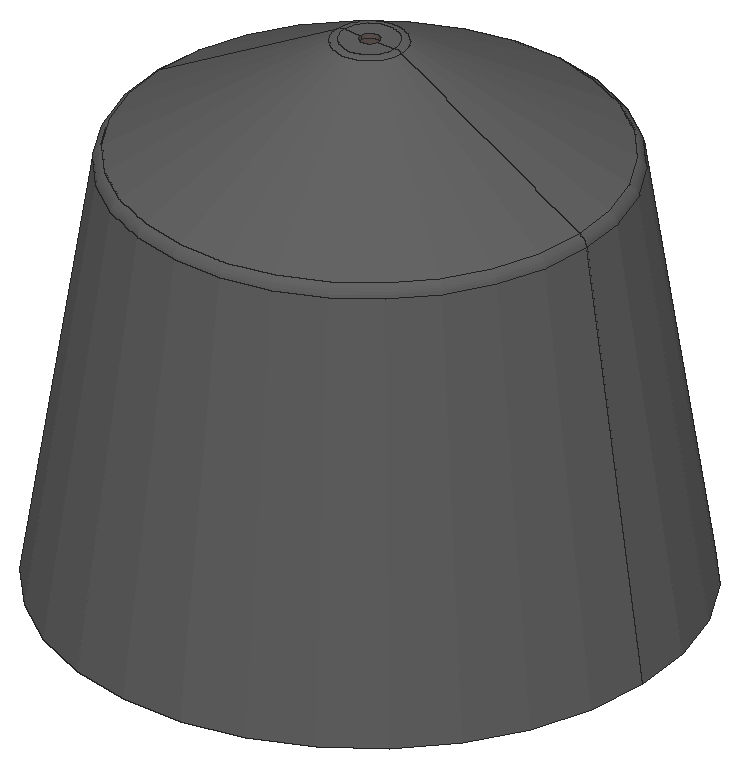
Revit family "PEY SHADE", category Lighting Fixtures, Revit 2024
Family settings
  Round Connector Dimension = Use Diameter
  Part Type = Normal
  OmniClass Number = 23.80.70.00
  OmniClass Title = Lighting
  Work Plane-Based = No
  Always vertical = Yes
  Cut with Voids When Loaded = No
  Light Source = No
  Maintain Annotation Orientation = No
  Shared = No
  Room Calculation Point = No
Parameters
  Default Elevation = 0' - 0"
Reference planes (in)
  plane 1 "Light Source Axis (F/B)": y = 0
  plane 2: z = 0
  plane 3 "Light Source Axis (L/R)": x = 0
  plane 4 "Light Source Elevation": z = 96
Forms (in)
  Revolve 1, solid
    sketch origin (0, 0, 0) x (1, 0, 0) y (0, 0, 1)
      loop
        line (-0.3, 112.75) -> (-0.87723, 112.75)
        arc (-0.87723, 112.75) -> (-0.99931, 112.733) -> (-1.11354, 112.68668) r 0.50044
        line (-1.11354, 112.68668) -> (-7.28613, 109.24427)
        arc (-7.28613, 109.24427) -> (-7.45338, 109.09265) -> (-7.53689, 108.88291) r 0.5
        line (-7.53689, 108.88291) -> (-9.5, 96) -> (-9.37356, 96) -> (-7.41332, 108.86408)
        arc (-7.41332, 108.86408) -> (-7.35068, 109.02138) -> (-7.22525, 109.1351) r 0.375
        line (-7.22525, 109.1351) -> (-1.05265, 112.57751)
        arc (-1.05265, 112.57751) -> (-0.96738, 112.61215) -> (-0.87623, 112.625) r 0.37544
        line (-0.87623, 112.625) -> (-0.3, 112.625) -> (-0.3, 112.75)
      axis (0, 96) -> (0, 112.75)
    angle from 0 to 360
Dimensions and locks (in)
  aligned and locked: level to plane 2
